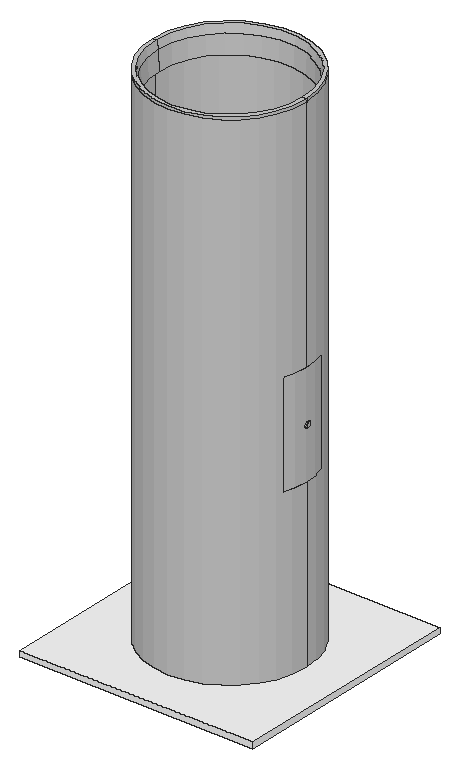
Revit family "BE_99624_de_DE", category Leuchten, Revit 2020
Family settings
  Basisbauteil = Fläche
  Bemaßung runder Anschluss = Durchmesser verwenden
  Teiletyp = Normal
  Beim Laden mit Abzugskörper schneiden = Ja
  Lichtquelle = Nein
  Gemeinsam genutzt = Nein
  Raumberechnungspunkt = Ja
Parameters (values of type "BEGA_99624_Silber")
  Default Elevation = 0 mm
  URL = "https://www.bega.com/de/produkt/99624"
  Typenkommentare = "© 2022 BEGA. Wir behalten uns das Recht vor, technische Änderungen ohne vorherige Ankündigung vorzunehmen."  # constant formula
  Typenbild = 99624.png
  Sonderanfertigung = no
  Seriennummer [instance] = "Hier können Sie die eindeutige Seriennummer für das Facility Management eintragen."
  Schutzart = "IP 65"
  Scheinlast = 0 VA
  Produktdatenblatt = "https://cdn.bega.com/bega/products/99624/current/documents/data-sheets/de"
  Modell = "99624A"
  Material_06 = BEGA_Oberfläche_Edelstahl_gebürstet
  Material_02 = BEGA_Oberfläche_Silber_matt
  Material_01 [instance] = BEGA_Oberfläche_Grafit_matt
  M_G = no
  M_A = yes
  Logo = 0
  Leuchtenanzahl = ""
  Lastklassifizierung = Beleuchtung
  Hersteller = "BEGA"  # constant formula
  Halbstreuwinkel = ""
  Gewicht = "11.1 kg"
  Erdstück [instance] = no
  Einbauöffnung = "ø 265 mm"
  CE_Konformität = "ja"
  Bestellnummer_Erdstück [instance] = if(Erdstück, "70896", "---")  # "---"
  Bestellnummer = "99624A"
  Beschreibung_Sonderanfertigung = "Hier können Sie Informationen zur Sonderanfertigung eintragen."
  Beschreibung = "Pollerleuchtenrohr"
  BEGA_Intern_aus = yes
  BEGA_Intern_an = yes
  BEGA_Intern_Konstruktion = yes
  BEGA_Intern = yes
  BEGA_IES = yes
  BEGA_Dummy = no
  Aktualisierung = "2022-05-20T04:00:08"
Types (2, lengths in mm): name | Modell | M_G | M_A | Bestellnummer
  BEGA_99624_Silber | "99624A" | no | yes | "99624A"
  BEGA_99624_Grafit | "99624" | yes | no | "99624"
Reference planes
  plane 1 "Mitte (Vorne/Hinten)": y = 0
  plane 2: z = 0
  plane 3 "Mitte (Links/Rechts)": x = 0
  plane 4 "Links": x = -132
  plane 5 "Rechts": x = 132
  plane 6 "Unten": y = -132
  plane 7 "Oben": y = 132
  plane 8 "Vorne": z = 877.584
Forms (mm)
  Extrusion 1, solid, material "BEGA_Platte_Weiss"
    sketch origin (0, -1119.2, 0) x (1, 0, 0) y (0, 1, 0)
      loop
        line (-200, 1319.2) -> (-200, 919.2) -> (200, 919.2) -> (200, 1319.2) -> (-200, 1319.2)
    from 0 to -10
  Extrusion 2, solid, material "BEGA_Dummy_matt", visible <- "BEGA_Dummy"
    sketch origin (77.149, -76.023, 0) x (1, 0, 0) y (0, 1, 0)
      loop
        circle (-77.149, 76.023) r 132
    from 0 to 877.584
Dimensions and locks
  plane 1 "Mitte (Vorne/Hinten)" to Extrusion 1 = 200 mm
  aligned and locked: plane 2 to Extrusion 1
  aligned and locked: level to Extrusion 1
Nested families
  nested 1: "BE_99624_Pollerrohr" at (0, 0, 0), type "BE_99624_Pollerrohr"
    with BEGA_Infotext_Winkel no
Connectors
  electrical at (0, 0, 0), driven by "Lastklassifizierung", driven by "Scheinlast"
    settings: index 1, voltage 0 V, apparent load 0 VA, apparent load phase1 0 VA, apparent load phase2 0 VA, apparent load phase3 0 VA, power factor 1, load classification "Beleuchtung", number of poles 1, system type 31, power factor state 1, is connector primary yes, connector utility no, sub classification motor no, connector description ""
Definition of nested family "BE_99624_Pollerrohr"
  Parameters (values of type "BE_99624_Pollerrohr")
    Default Elevation = 1 mm
    URL = "http://www.bega.de/de/produkt"
    Type Comments = "© 2015 BEGA. Wir behalten uns das Recht vor, technische Änderungen ohne vorherige Ankündigung vorzunehmen. "  # constant formula
    Type Image = element 70779
    Material_06 = none
    Material_02 = none
    Material_01 = none
    M_G = yes
    M_A = yes
    Länge_Platte = 300 mm  # constant formula
    Höhe_Platte = -10 mm  # constant formula
    Manufacturer = "BEGA"  # constant formula
    Breite_Platte = 300 mm  # constant formula
    BEGA_Infotext_Winkel [instance] = no
    Aktualisierung = "Stand: 25.03.2015"  # constant formula
  Reference planes
    plane 1 "Mitte (Oben/Unten)": y = 0
    plane 2: z = 0
    plane 3 "Mitte (Links/Rechts)": x = 0
    plane 4: x = 132
    plane 5: x = -132
    plane 6: z = 877.584
    plane 7: y = 132
    plane 8: y = -132
  Forms (mm)
    Extrusion 1, solid, detail levels medium
      sketch origin (0, 0, 0) x (1, 0, 0) y (0, 1, 0)
        loop
          line (-150, 150) -> (-150, -150) -> (150, -150) -> (150, 150) -> (-150, 150)
      from 0 to -10 <- "Höhe_Platte"
    Revolve 2, solid, material <- "Material_01", visible <- "M_G", detail levels medium+fine
      sketch origin (0, 0, 0) x (1, 0, 0) y (0, 0, 1)
        loop
          line (37.5, 5.25) -> (37.607, 2.178)
          arc (37.607, 2.178) -> (38.217, 0.811) -> (39.606, 0.25) r 2
          line (39.606, 0.25) -> (104.5, 0.25) -> (104.5, 7.284)
          arc (104.5, 7.284) -> (104.219, 7.979) -> (103.535, 8.284) r 1
          line (103.535, 8.284) -> (91.325, 8.71)
          arc (91.325, 8.71) -> (87.904, 10.233) -> (86.5, 13.704) r 5
          line (86.5, 13.704) -> (86.5, 23.004)
          arc (86.5, 23.004) -> (86.728, 24.152) -> (87.379, 25.129) r 3
          line (87.379, 25.129) -> (97.5, 35.25) -> (97.5, 39.25) -> (81.914, 39.25)
          arc (81.914, 39.25) -> (81.24, 38.987) -> (80.92, 38.337) r 1
          line (80.92, 38.337) -> (78.704, 12.983)
          arc (78.704, 12.983) -> (77.741, 11.037) -> (75.716, 10.251) r 2.999
          line (75.716, 10.251) -> (39.606, 10.25)
          arc (39.606, 10.25) -> (38.215, 9.687) -> (37.607, 8.315) r 2
          line (37.607, 8.315) -> (37.5, 5.25)
        axis (0, 39.25) -> (0, 0.25)
      angle from 0 to 360
    Revolve 3, solid, material <- "Material_01", visible <- "M_G", detail levels medium+fine
      sketch origin (0, 0, 0) x (1, 0, 0) y (0, 0, 1)
        loop
          line (-128, 3.084) -> (-128, 15.584) -> (-114.961, 15.584)
          arc (-114.961, 15.584) -> (-113.568, 15.02) -> (-112.961, 13.645) r 2
          line (-112.961, 13.645) -> (-112.859, 10.693) -> (-110.216, 8.05) -> (-98.318, 8.466) -> (-98.318, 17.584) -> (-90.701, 17.584)
          arc (-90.701, 17.584) -> (-90.572, 22.674) -> (-90.73, 27.764) r 90.487
          line (-90.73, 27.764) -> (-98.631, 35.665) -> (-98.757, 39.26) -> (-103.093, 43.596) -> (-108, 43.596) -> (-108.821, 20.084) -> (-123.262, 20.084) -> (-124.397, 52.584) -> (-128, 52.584) -> (-128, 873.084) -> (-132, 873.084) -> (-132, 3.084) -> (-128, 3.084)
        axis (0, 873.084) -> (0, 3.084)
      angle from 0 to 360
    Revolve 4, solid, material <- "Material_01", visible <- "M_G", detail levels medium+fine
      sketch origin (0, 0, 0) x (1, 0, 0) y (0, 0, 1)
        loop
          line (-132, 877.584) -> (-132, 873.084) -> (-128, 873.084) -> (-128, 830.284) -> (-121.897, 830.284) -> (-123.043, 863.084) -> (-125.7, 877.584) -> (-132, 877.584)
        axis (0, 877.584) -> (0, 830.284)
      angle from 0 to 360
    Extrusion 5, void
      sketch origin (0, 0, 0) x (1, 0, 0) y (0, 1, 0)
        loop
          line (125.265, 41.625) -> (121.469, 40.364)
          arc (121.469, 40.364) -> (128, 0) -> (121.469, -40.364) r 128
          line (121.469, -40.364) -> (125.265, -41.625)
          arc (125.265, -41.625) -> (132, 0) -> (125.265, 41.625) r 132
      from 288.084 to 465.084
    Extrusion 6, solid, material <- "Material_01", visible <- "M_G", detail levels medium+fine
      sketch origin (0, 0, 0) x (1, 0, 0) y (0, 1, 0)
        loop
          arc (124.874, -41) -> (132.8, 0) -> (124.874, 41) r 110
          line (124.874, 41) -> (123.018, 40.255)
          arc (123.018, 40.255) -> (130.8, 0) -> (123.018, -40.255) r 108
          line (123.018, -40.255) -> (124.874, -41)
      from 288.584 to 464.584
    Revolve 7, void
      sketch origin (0, 0, 0) x (1, 0, 0) y (0, 0, 1)
        loop
          line (127.896, 376.584) -> (133.239, 376.584) -> (133.239, 382.355) -> (127.896, 382.355) -> (127.896, 376.584)
        axis (127.896, 376.584) -> (133.239, 376.584)
      angle from 0 to 360
    Revolve 8, solid, material <- "Material_06", detail levels fine
      sketch origin (0, 0, 0) x (1, 0, 0) y (0, 0, 1)
        loop
          line (128, 381.584) -> (128, 376.584) -> (134, 376.584) -> (134, 380.984)
          arc (134, 380.984) -> (133.824, 381.409) -> (133.4, 381.584) r 0.6
          line (133.4, 381.584) -> (128, 381.584)
        axis (128, 376.584) -> (134, 376.584)
      angle from 0 to 360
    Extrusion 9, void
      sketch origin (0, 0, 0) x (1, 0, 0) y (0, 1, 0)
        loop
          arc (-9.2, 69.897) -> (-35.25, 61.056) -> (-55.933, 42.917) r 70.5
          arc (-55.933, 42.917) -> (-55.101, 36.608) -> (-48.791, 37.439) r 4.5
          arc (-48.791, 37.439) -> (-30.75, 53.261) -> (-8.027, 60.974) r 61.5
          arc (-8.027, 60.974) -> (-4.151, 66.023) -> (-9.2, 69.897) r 4.5
        loop
          arc (-47.189, -27.281) -> (-41.033, -28.919) -> (-39.408, -22.758) r 4.5
          arc (-39.408, -22.758) -> (-45.502, -0.019) -> (-39.42, 22.724) r 45.517
          arc (-39.42, 22.724) -> (-41.065, 28.866) -> (-47.21, 27.232) r 4.5
          arc (-47.21, 27.232) -> (-54.507, -0.027) -> (-47.189, -27.281) r 54.483
        loop
          arc (65.134, 26.979) -> (59.249, 29.412) -> (56.823, 23.525) r 4.5
          arc (56.823, 23.525) -> (61.5, -0.011) -> (56.814, -23.545) r 61.5
          arc (56.814, -23.545) -> (59.259, -29.417) -> (65.134, -26.979) r 4.5
          arc (65.134, -26.979) -> (70.5, 0) -> (65.134, 26.979) r 70.5
        loop
          arc (-0.001, -54.499) -> (27.255, -47.198) -> (47.204, -27.241) r 54.483
          arc (47.204, -27.241) -> (45.547, -21.1) -> (39.404, -22.749) r 4.5
          arc (39.404, -22.749) -> (22.749, -39.401) -> (-0.001, -45.499) r 45.517
          arc (-0.001, -45.499) -> (-4.5, -49.999) -> (-0.001, -54.499) r 4.5
        loop
          arc (-9.2, -69.897) -> (-4.152, -66.023) -> (-8.026, -60.974) r 4.5
          arc (-8.026, -60.974) -> (-30.75, -53.261) -> (-48.791, -37.439) r 61.5
          arc (-48.791, -37.439) -> (-55.101, -36.608) -> (-55.931, -42.918) r 4.5
          arc (-55.931, -42.918) -> (-35.25, -61.055) -> (-9.2, -69.897) r 70.5
        loop
          arc (-0.001, 54.5) -> (-4.5, 49.989) -> (0.021, 45.5) r 4.5
          arc (0.021, 45.5) -> (22.758, 39.396) -> (39.404, 22.749) r 45.517
          arc (39.404, 22.749) -> (45.545, 21.099) -> (47.205, 27.237) r 4.5
          arc (47.205, 27.237) -> (27.257, 47.197) -> (-0.001, 54.5) r 54.483
      from 0 to 13.707
    Revolve 10, solid, material <- "Material_02", visible <- "M_A", detail levels medium+fine
      sketch origin (0, 0, 0) x (1, 0, 0) y (0, 0, 1)
        loop
          line (37.5, 5.25) -> (37.607, 2.178)
          arc (37.607, 2.178) -> (38.217, 0.811) -> (39.606, 0.25) r 2
          line (39.606, 0.25) -> (104.5, 0.25) -> (104.5, 7.284)
          arc (104.5, 7.284) -> (104.219, 7.979) -> (103.535, 8.284) r 1
          line (103.535, 8.284) -> (91.325, 8.71)
          arc (91.325, 8.71) -> (87.904, 10.233) -> (86.5, 13.704) r 5
          line (86.5, 13.704) -> (86.5, 23.004)
          arc (86.5, 23.004) -> (86.728, 24.152) -> (87.379, 25.129) r 3
          line (87.379, 25.129) -> (97.5, 35.25) -> (97.5, 39.25) -> (81.914, 39.25)
          arc (81.914, 39.25) -> (81.24, 38.987) -> (80.92, 38.337) r 1
          line (80.92, 38.337) -> (78.704, 12.983)
          arc (78.704, 12.983) -> (77.741, 11.037) -> (75.716, 10.251) r 2.999
          line (75.716, 10.251) -> (39.606, 10.25)
          arc (39.606, 10.25) -> (38.215, 9.687) -> (37.607, 8.315) r 2
          line (37.607, 8.315) -> (37.5, 5.25)
        axis (0, 39.25) -> (0, 0.25)
      angle from 0 to 360
    Revolve 11, solid, material <- "Material_02", visible <- "M_A", detail levels medium+fine
      sketch origin (0, 0, 0) x (1, 0, 0) y (0, 0, 1)
        loop
          line (-128, 3.084) -> (-128, 15.584) -> (-114.961, 15.584)
          arc (-114.961, 15.584) -> (-113.568, 15.02) -> (-112.961, 13.645) r 2
          line (-112.961, 13.645) -> (-112.859, 10.693) -> (-110.216, 8.05) -> (-98.318, 8.466) -> (-98.318, 17.584) -> (-90.701, 17.584)
          arc (-90.701, 17.584) -> (-90.572, 22.674) -> (-90.73, 27.764) r 90.487
          line (-90.73, 27.764) -> (-98.631, 35.665) -> (-98.757, 39.26) -> (-103.093, 43.596) -> (-108, 43.596) -> (-108.821, 20.084) -> (-123.262, 20.084) -> (-124.397, 52.584) -> (-128, 52.584) -> (-128, 873.084) -> (-132, 873.084) -> (-132, 3.084) -> (-128, 3.084)
        axis (0, 873.084) -> (0, 3.084)
      angle from 0 to 360
    Revolve 12, solid, material <- "Material_02", visible <- "M_A", detail levels medium+fine
      sketch origin (0, 0, 0) x (1, 0, 0) y (0, 0, 1)
        loop
          line (-132, 877.584) -> (-132, 873.084) -> (-128, 873.084) -> (-128, 830.284) -> (-121.897, 830.284) -> (-123.043, 863.084) -> (-125.7, 877.584) -> (-132, 877.584)
        axis (0, 877.584) -> (0, 830.284)
      angle from 0 to 360
    Extrusion 13, solid, material <- "Material_02", visible <- "M_A", detail levels medium+fine
      sketch origin (0, 0, 0) x (1, 0, 0) y (0, 1, 0)
        loop
          arc (124.874, -41) -> (132.8, 0) -> (124.874, 41) r 110
          line (124.874, 41) -> (123.018, 40.255)
          arc (123.018, 40.255) -> (130.8, 0) -> (123.018, -40.255) r 108
          line (123.018, -40.255) -> (124.874, -41)
      from 288.584 to 464.584
  Cuts and joins
    Extrusion 5 cuts Revolve 3
    joined: Revolve 3, Revolve 4
    Revolve 7 cuts Extrusion 6
    Extrusion 9 cuts Revolve 2
    Extrusion 9 cuts Revolve 10
    Extrusion 5 cuts Revolve 11
    joined: Revolve 11, Revolve 12
    Revolve 7 cuts Extrusion 13
  Dimensions and locks
    equal spacing: Extrusion 1 sketch curve, plane 3 "Mitte (Links/Rechts)", Extrusion 1 sketch curve
    equal spacing: Extrusion 1 sketch curve, plane 1 "Mitte (Oben/Unten)", Extrusion 1 sketch curve
    "Länge_Platte": Extrusion 1 sketch curve to Extrusion 1 sketch curve
    "Breite_Platte": Extrusion 1 sketch curve to Extrusion 1 sketch curve
    plane 1 "Mitte (Oben/Unten)" to Extrusion 1 = 150 mm  (x3)
    aligned and locked: Extrusion 1 to plane 2
    aligned and locked: level to Extrusion 1
  Automatic sketch dimensions
    Revolve 4 sketch curve to Revolve 4 sketch curve = 6.3 mm
    Revolve 4 sketch curve to Revolve 4 sketch curve = 4.5 mm
    Revolve 4 sketch curve to Revolve 4 sketch curve = 10 mm
    Revolve 4 sketch curve to Revolve 4 sketch curve = 4 mm
    Revolve 4 sketch curve to Revolve 4 sketch curve = 1.145 mm
    Revolve 4 sketch curve to Revolve 4 sketch curve = 32.8 mm
    Revolve 4 sketch curve to Revolve 4 sketch curve = 6.103 mm
    Extrusion 5 sketch curve to Extrusion 5 sketch curve = 0 mm  (x3)
    Extrusion 5 sketch curve to plane 3 "Mitte (Links/Rechts)" = 0 mm
    Extrusion 5 sketch curve to Extrusion 5 sketch curve = 3.796 mm
    Extrusion 5 sketch curve to Extrusion 5 sketch curve = 1.261 mm  (x2)
    plane 1 "Mitte (Oben/Unten)" to Extrusion 5 sketch curve = 40.364 mm
    plane 1 "Mitte (Oben/Unten)" to Extrusion 5 sketch curve = 0 mm
    plane 1 "Mitte (Oben/Unten)" to Extrusion 6 sketch curve = 0 mm
    plane 3 "Mitte (Links/Rechts)" to Extrusion 6 sketch curve = 22.8 mm
    Extrusion 6 sketch curve to Extrusion 6 sketch curve = 1.856 mm  (x2)
    plane 1 "Mitte (Oben/Unten)" to Extrusion 6 sketch curve = 41 mm
    Extrusion 6 sketch curve to Extrusion 6 sketch curve = 0.745 mm  (x2)
    Extrusion 6 sketch curve to Extrusion 6 sketch curve = 0 mm  (x3)
    Revolve 7 sketch curve to Revolve 7 sketch curve = 5.343 mm
    Revolve 7 sketch curve to Revolve 7 sketch curve = 5.771 mm
    Revolve 8 sketch curve to Revolve 8 sketch curve = 4.4 mm
    Revolve 8 sketch curve to Revolve 8 sketch curve = 6 mm
    Revolve 8 sketch curve to Revolve 8 sketch curve = 5 mm
    Revolve 8 sketch curve to Revolve 8 sketch curve = 0.6 mm  (x2)
    Revolve 4 sketch curve to plane 3 "Mitte (Links/Rechts)" = 0 mm
    level to Revolve 4 sketch curve = 830.284 mm
    Revolve 4 sketch curve to Revolve 4 sketch curve = 1731.474 mm
    level to Revolve 7 sketch curve = 376.584 mm
    Revolve 7 sketch curve to Revolve 7 sketch curve = 21.896 mm
    Revolve 7 sketch curve to Revolve 7 sketch curve = 2.761 mm
    Revolve 7 sketch curve to Revolve 7 sketch curve = 0 mm
    level to Revolve 8 sketch curve = 376.584 mm
    Revolve 8 sketch curve to Revolve 8 sketch curve = 0 mm  (x5)
    Revolve 8 sketch curve to Revolve 8 sketch curve = 22 mm
    Revolve 8 sketch curve to Revolve 8 sketch curve = 2 mm
    plane 3 "Mitte (Links/Rechts)" to Extrusion 5 sketch curve = 121.469 mm
    plane 3 "Mitte (Links/Rechts)" to Revolve 7 sketch curve = 127.896 mm
    plane 3 "Mitte (Links/Rechts)" to Revolve 8 sketch curve = 128 mm
    Revolve 2 sketch curve to plane 3 "Mitte (Links/Rechts)" = 0 mm
    Revolve 4 sketch curve to plane 3 "Mitte (Links/Rechts)" = 121.897 mm
    Revolve 2 sketch curve to level = 609.6 mm
    Revolve 4 sketch curve to level = 609.6 mm
    Revolve 3 sketch curve to plane 5 = 0 mm
    Revolve 3 sketch curve to plane 3 "Mitte (Links/Rechts)" = 0 mm
    level to Revolve 3 sketch curve = 22.418 mm
    Revolve 3 sketch curve to plane 5 = 49.059 mm
    Revolve 3 sketch curve to Revolve 3 sketch curve = 4 mm  (x2)
    Revolve 3 sketch curve to Revolve 3 sketch curve = 3.603 mm
    Revolve 3 sketch curve to Revolve 3 sketch curve = 4.738 mm
    Revolve 3 sketch curve to Revolve 3 sketch curve = 8.302 mm
    Revolve 3 sketch curve to Revolve 3 sketch curve = 1.999 mm
    Revolve 3 sketch curve to Revolve 3 sketch curve = 0.103 mm
    level to Revolve 3 sketch curve = 8.05 mm
    Revolve 3 sketch curve to Revolve 3 sketch curve = 2.643 mm  (x2)
    Revolve 3 sketch curve to Revolve 3 sketch curve = 4.14 mm
    Revolve 3 sketch curve to Revolve 3 sketch curve = 16.397 mm
    Revolve 3 sketch curve to Revolve 3 sketch curve = 4.907 mm
    Revolve 3 sketch curve to Revolve 3 sketch curve = 4.336 mm  (x2)
    Revolve 3 sketch curve to Revolve 3 sketch curve = 0.126 mm
    Revolve 3 sketch curve to Revolve 3 sketch curve = 10.503 mm
    Revolve 3 sketch curve to Revolve 3 sketch curve = 7.901 mm  (x2)
    Revolve 3 sketch curve to Revolve 3 sketch curve = 7.617 mm
    level to Revolve 3 sketch curve = 3.084 mm
    level to Revolve 3 sketch curve = 8.466 mm
    Revolve 3 sketch curve to Revolve 3 sketch curve = 2.891 mm
    Revolve 3 sketch curve to Revolve 3 sketch curve = 0.06 mm
    Revolve 3 sketch curve to Revolve 3 sketch curve = 12.5 mm
    Revolve 3 sketch curve to Revolve 3 sketch curve = 9.118 mm
    Revolve 3 sketch curve to Revolve 3 sketch curve = 4.5 mm
    Revolve 3 sketch curve to Revolve 3 sketch curve = 3.595 mm
    Revolve 3 sketch curve to Revolve 3 sketch curve = 8.988 mm
    Revolve 3 sketch curve to plane 6 = 4.5 mm
    Revolve 3 sketch curve to Revolve 3 sketch curve = 0 mm  (x2)
    Revolve 3 sketch curve to level = 609.6 mm
    plane 6 to Revolve 3 sketch curve = 1731.474 mm
    plane 6 to Revolve 2 sketch curve = 1731.474 mm
    level to Revolve 2 sketch curve = 5.25 mm
    plane 3 "Mitte (Links/Rechts)" to Revolve 2 sketch curve = 37.5 mm
    level to Revolve 2 sketch curve = 2.178 mm
    Revolve 2 sketch curve to Revolve 2 sketch curve = 0.107 mm  (x2)
    level to Revolve 2 sketch curve = 8.315 mm
    Revolve 2 sketch curve to Revolve 2 sketch curve = 1.999 mm  (x2)
    Revolve 2 sketch curve to Revolve 2 sketch curve = 0.072 mm
    Revolve 2 sketch curve to Revolve 2 sketch curve = 0.065 mm
    Revolve 2 sketch curve to Revolve 2 sketch curve = 0 mm  (x8)
    level to Revolve 2 sketch curve = 7.284 mm
    plane 4 to Revolve 2 sketch curve = 28.5 mm
    Revolve 2 sketch curve to Revolve 2 sketch curve = 1 mm  (x2)
    Revolve 2 sketch curve to Revolve 2 sketch curve = 0.035 mm
    level to Revolve 2 sketch curve = 0.25 mm
    Revolve 2 sketch curve to Revolve 2 sketch curve = 10.001 mm
    Revolve 2 sketch curve to Revolve 2 sketch curve = 17.035 mm
    Revolve 2 sketch curve to Revolve 2 sketch curve = 5 mm
    level to Revolve 2 sketch curve = 13.704 mm
    Revolve 2 sketch curve to Revolve 2 sketch curve = 0.003 mm  (x2)
    Revolve 2 sketch curve to Revolve 2 sketch curve = 0.174 mm
    level to Revolve 2 sketch curve = 8.71 mm
    level to Revolve 2 sketch curve = 8.284 mm
    Revolve 2 sketch curve to Revolve 2 sketch curve = 9.3 mm
    Revolve 2 sketch curve to Revolve 2 sketch curve = 3 mm
    Revolve 2 sketch curve to Revolve 2 sketch curve = 0.879 mm
    Revolve 2 sketch curve to Revolve 2 sketch curve = 10.121 mm
    Revolve 2 sketch curve to Revolve 2 sketch curve = 14.124 mm
    Revolve 2 sketch curve to Revolve 2 sketch curve = 5.464 mm
    Revolve 2 sketch curve to Revolve 2 sketch curve = 4 mm
    Revolve 2 sketch curve to Revolve 2 sketch curve = 0.002 mm
    Revolve 2 sketch curve to Revolve 2 sketch curve = 0.996 mm
    Revolve 2 sketch curve to Revolve 2 sketch curve = 10.784 mm
    Revolve 2 sketch curve to Revolve 2 sketch curve = 2.987 mm
    Revolve 2 sketch curve to Revolve 2 sketch curve = 0.266 mm
    Extrusion 9 sketch curve to Extrusion 9 sketch curve = 0 mm  (x27)
    plane 1 "Mitte (Oben/Unten)" to Extrusion 9 sketch curve = 0 mm  (x2)
    Extrusion 9 sketch curve to plane 3 "Mitte (Links/Rechts)" = 0 mm  (x3)
    Extrusion 9 sketch curve to plane 1 "Mitte (Oben/Unten)" = 0 mm
    Extrusion 9 sketch curve to plane 3 "Mitte (Links/Rechts)" = 0.002 mm
    Extrusion 9 sketch curve to plane 3 "Mitte (Links/Rechts)" = 0.009 mm
    plane 1 "Mitte (Oben/Unten)" to Extrusion 9 sketch curve = 0.007 mm  (x2)
    Extrusion 9 sketch curve to Extrusion 9 sketch curve = 0.022 mm
    Extrusion 9 sketch curve to plane 3 "Mitte (Links/Rechts)" = 8.613 mm  (x2)
    Extrusion 9 sketch curve to plane 3 "Mitte (Links/Rechts)" = 43.294 mm
    Extrusion 9 sketch curve to plane 3 "Mitte (Links/Rechts)" = 43.319 mm
    Extrusion 9 sketch curve to Extrusion 9 sketch curve = 9.067 mm
    Extrusion 9 sketch curve to Extrusion 9 sketch curve = 9.043 mm
    plane 3 "Mitte (Links/Rechts)" to Extrusion 9 sketch curve = 0.01 mm
    Extrusion 9 sketch curve to Extrusion 9 sketch curve = 0.004 mm
    plane 3 "Mitte (Links/Rechts)" to Extrusion 9 sketch curve = 43.301 mm
    Extrusion 9 sketch curve to plane 1 "Mitte (Oben/Unten)" = 25.257 mm
    Extrusion 9 sketch curve to Extrusion 9 sketch curve = 17.675 mm  (x2)
    Extrusion 9 sketch curve to Extrusion 9 sketch curve = 0.009 mm
    plane 1 "Mitte (Oben/Unten)" to Extrusion 9 sketch curve = 25 mm
    plane 1 "Mitte (Oben/Unten)" to Extrusion 9 sketch curve = 25.028 mm
    Extrusion 9 sketch curve to Extrusion 9 sketch curve = 0.257 mm
    Extrusion 9 sketch curve to Extrusion 9 sketch curve = 15.15 mm
    Extrusion 9 sketch curve to Extrusion 9 sketch curve = 24.971 mm
    Extrusion 9 sketch curve to Extrusion 9 sketch curve = 15.436 mm
    Extrusion 9 sketch curve to plane 1 "Mitte (Oben/Unten)" = 0.017 mm  (x2)
    Extrusion 9 sketch curve to plane 1 "Mitte (Oben/Unten)" = 24.971 mm
    Extrusion 9 sketch curve to Extrusion 9 sketch curve = 15.207 mm
    Extrusion 9 sketch curve to Extrusion 9 sketch curve = 25.257 mm
    Extrusion 9 sketch curve to plane 3 "Mitte (Links/Rechts)" = 0.001 mm  (x3)
    Extrusion 9 sketch curve to Extrusion 9 sketch curve = 0.587 mm  (x4)
    Extrusion 9 sketch curve to Extrusion 9 sketch curve = 0.002 mm  (x4)
    Extrusion 9 sketch curve to Extrusion 9 sketch curve = 3.886 mm
    Extrusion 9 sketch curve to Extrusion 9 sketch curve = 3.899 mm
    Extrusion 9 sketch curve to Extrusion 9 sketch curve = 3.896 mm
    Extrusion 9 sketch curve to Extrusion 9 sketch curve = 3.891 mm
    Extrusion 9 sketch curve to Extrusion 9 sketch curve = 3.57 mm  (x4)
    Extrusion 9 sketch curve to Extrusion 9 sketch curve = 3.897 mm  (x2)
    Extrusion 9 sketch curve to Extrusion 9 sketch curve = 3.902 mm
    Extrusion 9 sketch curve to Extrusion 9 sketch curve = 4.162 mm
    Extrusion 9 sketch curve to Extrusion 9 sketch curve = 4.153 mm
    Extrusion 9 sketch curve to Extrusion 9 sketch curve = 4.157 mm  (x2)
    Extrusion 9 sketch curve to Extrusion 9 sketch curve = 2.251 mm  (x2)
    Extrusion 9 sketch curve to Extrusion 9 sketch curve = 2.27 mm
    Extrusion 9 sketch curve to Extrusion 9 sketch curve = 1.712 mm
    Extrusion 9 sketch curve to Extrusion 9 sketch curve = 2.739 mm  (x2)
    Extrusion 9 sketch curve to plane 3 "Mitte (Links/Rechts)" = 0.01 mm
    plane 1 "Mitte (Oben/Unten)" to Extrusion 9 sketch curve = 0.017 mm
    Extrusion 9 sketch curve to Extrusion 9 sketch curve = 10.974 mm
    plane 3 "Mitte (Links/Rechts)" to Extrusion 9 sketch curve = 0.021 mm
    Extrusion 9 sketch curve to Extrusion 9 sketch curve = 17.419 mm
    Extrusion 9 sketch curve to Extrusion 9 sketch curve = 0.776 mm
    plane 3 "Mitte (Links/Rechts)" to Extrusion 9 sketch curve = 0.009 mm
    Extrusion 9 sketch curve to Extrusion 9 sketch curve = 3.904 mm
    plane 3 "Mitte (Links/Rechts)" to Revolve 10 sketch curve = 0 mm
    level to Revolve 10 sketch curve = 5.25 mm
    plane 3 "Mitte (Links/Rechts)" to Revolve 10 sketch curve = 37.5 mm
    level to Revolve 10 sketch curve = 8.315 mm
    Revolve 10 sketch curve to Revolve 10 sketch curve = 0.107 mm  (x2)
    level to Revolve 10 sketch curve = 2.178 mm
    Revolve 10 sketch curve to Revolve 10 sketch curve = 1.999 mm  (x2)
    level to Revolve 10 sketch curve = 13.25 mm
    Revolve 10 sketch curve to Revolve 10 sketch curve = 36.11 mm
    level to Revolve 10 sketch curve = 12.983 mm
    Revolve 10 sketch curve to Revolve 10 sketch curve = 2.987 mm
    Revolve 10 sketch curve to Revolve 10 sketch curve = 3.211 mm
    Revolve 10 sketch curve to Revolve 10 sketch curve = 0.002 mm
    Revolve 10 sketch curve to Revolve 10 sketch curve = 7.796 mm
    Revolve 10 sketch curve to Revolve 10 sketch curve = 3 mm  (x2)
    Revolve 10 sketch curve to Revolve 10 sketch curve = 5 mm
    Revolve 10 sketch curve to Revolve 10 sketch curve = 8 mm
    Revolve 10 sketch curve to Revolve 10 sketch curve = 12 mm
    Revolve 10 sketch curve to Revolve 10 sketch curve = 1 mm
    level to Revolve 10 sketch curve = 0.25 mm
    Revolve 10 sketch curve to Revolve 10 sketch curve = 0.072 mm
    Revolve 10 sketch curve to Revolve 10 sketch curve = 7.034 mm
    Revolve 10 sketch curve to Revolve 10 sketch curve = 0.065 mm
    Revolve 10 sketch curve to Revolve 10 sketch curve = 0.721 mm
    Revolve 10 sketch curve to Revolve 10 sketch curve = 0.003 mm  (x2)
    Revolve 10 sketch curve to Revolve 10 sketch curve = 9.297 mm
    Revolve 10 sketch curve to Revolve 10 sketch curve = 12.246 mm
    Revolve 10 sketch curve to Revolve 10 sketch curve = 4 mm
    Revolve 10 sketch curve to Revolve 10 sketch curve = 0 mm  (x8)
    Revolve 10 sketch curve to Revolve 10 sketch curve = 0.996 mm
    Revolve 10 sketch curve to Revolve 10 sketch curve = 0.879 mm
    Revolve 10 sketch curve to Revolve 10 sketch curve = 0.174 mm
    level to Revolve 10 sketch curve = 8.71 mm
    level to Revolve 10 sketch curve = 8.284 mm
    Revolve 10 sketch curve to Revolve 10 sketch curve = 0.035 mm
    Revolve 10 sketch curve to level = 609.6 mm
    plane 6 to Revolve 10 sketch curve = 1731.474 mm
    Revolve 11 sketch curve to plane 5 = 0 mm
    Revolve 11 sketch curve to plane 3 "Mitte (Links/Rechts)" = 0 mm
    level to Revolve 11 sketch curve = 22.418 mm
    Revolve 11 sketch curve to plane 5 = 49.059 mm
    plane 5 to Revolve 11 sketch curve = 4 mm  (x2)
    Revolve 11 sketch curve to Revolve 11 sketch curve = 3.603 mm
    Revolve 11 sketch curve to Revolve 11 sketch curve = 4.738 mm
    Revolve 11 sketch curve to Revolve 11 sketch curve = 8.302 mm
    Revolve 11 sketch curve to Revolve 11 sketch curve = 1.999 mm
    Revolve 11 sketch curve to Revolve 11 sketch curve = 0.103 mm
    level to Revolve 11 sketch curve = 8.05 mm
    Revolve 11 sketch curve to Revolve 11 sketch curve = 2.643 mm  (x2)
    Revolve 11 sketch curve to Revolve 11 sketch curve = 4.14 mm
    Revolve 11 sketch curve to Revolve 11 sketch curve = 16.397 mm
    Revolve 11 sketch curve to Revolve 11 sketch curve = 4.907 mm
    Revolve 11 sketch curve to Revolve 11 sketch curve = 4.336 mm  (x2)
    Revolve 11 sketch curve to Revolve 11 sketch curve = 0.126 mm
    Revolve 11 sketch curve to Revolve 11 sketch curve = 10.503 mm
    Revolve 11 sketch curve to Revolve 11 sketch curve = 7.901 mm  (x2)
    Revolve 11 sketch curve to Revolve 11 sketch curve = 7.617 mm
    level to Revolve 11 sketch curve = 3.084 mm
    level to Revolve 11 sketch curve = 8.466 mm
    Revolve 11 sketch curve to Revolve 11 sketch curve = 2.891 mm
    Revolve 11 sketch curve to Revolve 11 sketch curve = 0.06 mm
    Revolve 11 sketch curve to Revolve 11 sketch curve = 12.5 mm
    Revolve 11 sketch curve to Revolve 11 sketch curve = 9.118 mm
    Revolve 11 sketch curve to Revolve 11 sketch curve = 4.5 mm
    Revolve 11 sketch curve to Revolve 11 sketch curve = 3.595 mm
    Revolve 11 sketch curve to Revolve 11 sketch curve = 8.988 mm
    Revolve 11 sketch curve to plane 6 = 4.5 mm
    Revolve 11 sketch curve to Revolve 11 sketch curve = 0 mm  (x2)
    Revolve 11 sketch curve to level = 609.6 mm
    plane 6 to Revolve 11 sketch curve = 1731.474 mm
    Revolve 12 sketch curve to plane 5 = 0 mm
    Revolve 12 sketch curve to plane 6 = 0 mm
    plane 3 "Mitte (Links/Rechts)" to Revolve 12 sketch curve = 0 mm
    plane 5 to Revolve 12 sketch curve = 4 mm
    Revolve 12 sketch curve to Revolve 12 sketch curve = 2.3 mm
    plane 5 to Revolve 12 sketch curve = 8.957 mm
    Revolve 12 sketch curve to Revolve 12 sketch curve = 6.103 mm
    Revolve 12 sketch curve to plane 6 = 4.5 mm
    Revolve 12 sketch curve to Revolve 12 sketch curve = 10 mm
    Revolve 12 sketch curve to Revolve 12 sketch curve = 32.8 mm
    Revolve 12 sketch curve to level = 609.6 mm
    plane 6 to Revolve 12 sketch curve = 1731.474 mm
    Extrusion 13 sketch curve to Extrusion 13 sketch curve = 0 mm  (x2)
    plane 1 "Mitte (Oben/Unten)" to Extrusion 13 sketch curve = 0 mm
    plane 3 "Mitte (Links/Rechts)" to Extrusion 13 sketch curve = 22.8 mm
    plane 4 to Extrusion 13 sketch curve = 8.982 mm  (x2)
    Extrusion 13 sketch curve to Extrusion 13 sketch curve = 1.856 mm  (x2)
    plane 1 "Mitte (Oben/Unten)" to Extrusion 13 sketch curve = 40.255 mm
    Extrusion 13 sketch curve to Extrusion 13 sketch curve = 0.745 mm
